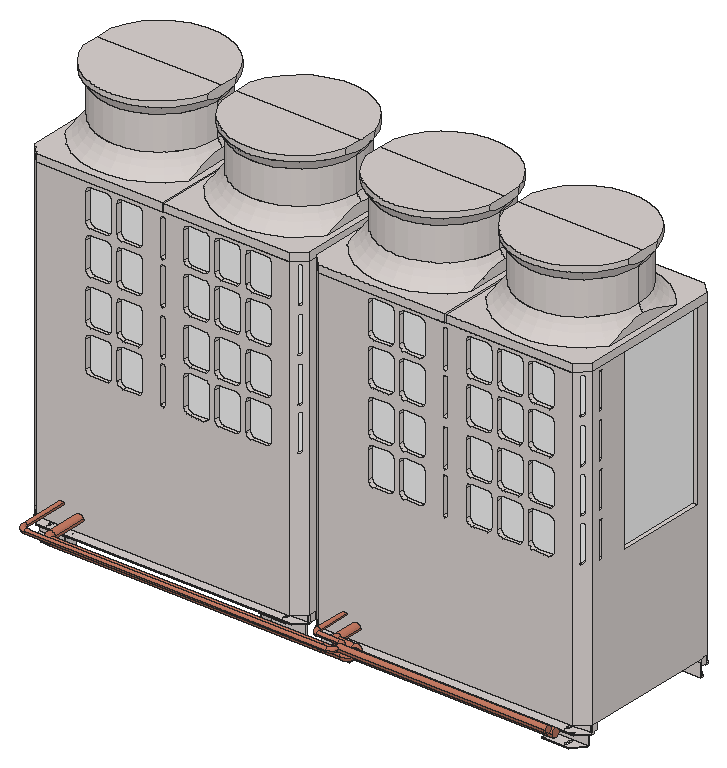
Revit family "PURY-EP700YSNW-A1", category 機械設備, Revit 2016 (continued)
Definition of nested family "PURY-EP350YNW-A1"
  Dimensions and locks
    cut or joined group 1 (Extrusion 1, Extrusion 2, Extrusion 3, Extrusion 4, Extrusion 5, Extrusion 6, Extrusion 7, Extrusion 8, Extrusion 9, Extrusion 10, Extrusion 11, Extrusion 12, Extrusion 13, Extrusion 14, Extrusion 15, Extrusion 16, Extrusion 17, Extrusion 18, Extrusion 19, Extrusion 20, Extrusion 21, Extrusion 22, Extrusion 23, Extrusion 24, Extrusion 25, Extrusion 26, Extrusion 27, Extrusion 28, Extrusion 29, Extrusion 30, Extrusion 31, Extrusion 32, Extrusion 33) to plane 12 to cut or joined group 1 = 805.000 mm, 621.000 mm
    plane 5 to plane 2 = 1858.000 mm  (x2)
    cut or joined group 1 to plane 19 "132" = 132.000 mm
    cut or joined group 1 to plane 22 = 207.000 mm
    cut or joined group 1 to plane 23 = 256.000 mm
    cut or joined group 1 to plane 6 = 60.000 mm
    cut or joined group 1 to cut or joined group 1 = 42.154 mm
    cut or joined group 1 to cut or joined group 1 = 11.895 mm
    nested 1 to nested 3 to level = 1798.000 mm, 60.000 mm
    nested 1 to nested 1 = 303.000 mm
    nested 1 to nested 3 = 1495.000 mm
    nested 8 to nested 8 to nested 8 to nested 7 to nested 7 to nested 7 = 54.000 mm, 20.000 mm, 592.000 mm, 20.000 mm, 54.000 mm
    nested 3 to nested 3 = 56.000 mm
    plane 11 to plane 31 to plane 32 to cut or joined group 1 = 90.000 mm, 1060.000 mm, 90.000 mm
    curve 103 to nested 7 = 90.000 mm
    curve 104 to nested 7 = 125.000 mm
    curve 101 to nested 7 = 100.000 mm
    curve 11 to curve 13 to nested 7 = 84.000 mm, 71.000 mm
    cut or joined group 1 to curve 12 to curve 14 = 125.000 mm, 148.000 mm
    nested 2 to nested 7 = 1495.000 mm
    curve 87 to cut or joined group 1 = 152.000 mm
    curve 88 to cut or joined group 1 = 172.000 mm
    curve 89 to cut or joined group 1 = 216.000 mm
    cut or joined group 1 to curve 4 to curve 2 = 128.000 mm, 150.000 mm
    cut or joined group 1 to curve 1 to curve 3 = 79.000 mm, 94.000 mm
    Extrusion 32 sketch curve to nested 7 = 116.000 mm
    cut or joined group 1 to Extrusion 32 sketch curve = 160.000 mm
    cut or joined group 1 to Extrusion 33 sketch curve = 243.000 mm
    Extrusion 33 sketch curve to nested 7 = 116.000 mm
    cut or joined group 1 to cut or joined group 1 = 740.000 mm
    plane 30 to plane 4 = 740.000 mm
    aligned and locked: level to plane 2
    aligned and locked: Extrusion 1 to plane 4
  Nested families
    nested 1: "FAN GUARD" at (-311.5, 2, 860), type "FAN GUARD"
      with WIDTH 870.000 mm
    nested 2: "FAN GUARD" at (311.5, 2, 860) x (-1, 0, 0) z (0, 0, 1), type "FAN GUARD"
      with WIDTH 870.000 mm
    nested 3: "ATTACHMENT LEG" at (-524, -349, 0), type "ATTACHMENT LEG"
    nested 4: "ATTACHMENT LEG" at (-524, 349, 0), type "ATTACHMENT LEG"
    nested 5: "ATTACHMENT LEG" at (524, -349, 0) x (-1, 0, 0) z (0, 0, 1), type "ATTACHMENT LEG"
    nested 6: "ATTACHMENT LEG" at (524, 349, 0) x (-1, 0, 0) z (0, 0, 1), type "ATTACHMENT LEG"
    nested 7: "BASE LEG_L_" at (0, -352, 60), type "BASE LEG_L_"
      with Width 1240.000 mm
    nested 8: "BASE LEG_L_" at (0, 352, 60), type "BASE LEG_L_"
      with Width 1240.000 mm
  Connectors
    piping at (-460, -191, 176), diameter 25.4, driven by "Liquid pipe_radius"
      settings: on cut or joined group 1, index 3, connector inside diameter 25.4 mm, connector length 0.000 mm, flow factor 0, pipe flow 0.0 L/s, pressure drop 0.0 Pa, fitting loss kfactor 0, connector angle 0.00°, fixture units 0, engagement length 0.000 mm, angle of deflection 0.00°, flow configuration 0, flow direction 0, fitting loss method 0, system type 22, joint type 0, gender type 0, connector reference index -1, connector utility 0, adjustable connector no, is connector primary yes, connector description "Refrigerant service valve<Liquid pipe>"
    piping at (-377, -191, 176), diameter 28.58, driven by "Gas pipe_radius"
      settings: on cut or joined group 1, index 4, connector inside diameter 28.58 mm, connector length 0.000 mm, flow factor 0, pipe flow 0.0 L/s, pressure drop 0.0 Pa, fitting loss kfactor 0, connector angle 0.00°, fixture units 0, engagement length 0.000 mm, angle of deflection 0.00°, flow configuration 0, flow direction 0, fitting loss method 0, system type 22, joint type 0, gender type 0, connector reference index -1, connector utility 0, adjustable connector no, is connector primary no, connector description "Refrigerant service valve<Gas>"
    electrical at (0, -370, 808)
      settings: on cut or joined group 1, index 5, voltage 0 V, apparent load 0 VA, apparent load phase1 0 VA, apparent load phase2 0 VA, apparent load phase3 0 VA, power factor 1, load classification none, number of poles 1, system type 30, power factor state 1, is connector primary yes, connector utility no, sub classification motor no, connector description ""
  Definition of nested family "FAN GUARD"
    Parameters
      WIDTH [instance] = 870.000 mm
    Reference planes
      plane 1 "中心(正面/背面)": y = -2
      plane 2: z = 0
      plane 3 "ファンガード基準面": z = 661
      plane 4: y = 368
      plane 5: x = 366
      plane 6: x = -375
      plane 7 "ファンガード基準上面": z = 695
      plane 8 "ファンガード上面": z = 998
      plane 9: x = -273.971
      plane 10: x = 308.5
      plane 11: x = -308.5
      plane 12: x = 0
    Forms (mm)
      Extrusion 1, solid
        sketch origin (85, 0, 661) x (-1, 0, 0) y (0, -1, 0)
          loop
            line (343.5, -368) -> (393.5, -318) -> (393.5, 322) -> (343.5, 372) -> (-223.5, 372) -> (-223.5, -368) -> (343.5, -368)
        from 0 to 34
      Revolve 2, solid
        sketch origin (0, -2, 0) x (1, 0, 0) y (0, 0, 1)
          loop
            line (0, 695) -> (0, 998) -> (-290, 998) -> (-290, 972.327) -> (-260, 928.372) -> (-260, 777.384)
            arc (-260, 777.384) -> (-290.651, 730.137) -> (-334.665, 695) r 175.882
            line (-334.665, 695) -> (0, 695)
          axis (0, 998) -> (0, 695)
        angle from 0 to 360
      Extrusion 3, void
        sketch origin (-840, 75, 695) x (-1, 0, 0) y (0, -1, 0)
          loop
            line (-410, -165) -> (-410, 315) -> (-561.253, 315) -> (-561.253, -165) -> (-410, -165)
        from -35 to 430.592
      Extrusion 4, void
        sketch origin (840, 75, 695) x (1, 0, 0) y (0, 1, 0)
          loop
            line (-410, 165) -> (-561.253, 165) -> (-561.253, -315) -> (-410, -315) -> (-410, 165)
        from 0 to 430.592
    Cuts and joins
      Extrusion 3, Extrusion 4 cuts Revolve 2
      Extrusion 4 cuts Extrusion 1
    Lines and regions (mm)
      model lines
        curve 1: line (-278.747, 0, 998) -> (-80, 0, 998)
        curve 2: line (80, 0, 998) -> (278.747, 0, 998)
        curve 3: circle (0, 0, 998) r 80 normal (0, 0, 1)
        curve 4: line (-278.747, -80, 998) -> (278.747, -80, 998)
        curve 5: line (-241.868, -160, 998) -> (241.868, -160, 998)
        curve 6: line (-162.788, -240, 998) -> (162.788, -240, 998)
        curve 7: line (-278.747, 80, 998) -> (278.747, 80, 998)
        curve 8: line (-241.868, 160, 998) -> (240, 160, 998)
        curve 9: line (-160, 240, 998) -> (162.788, 240, 998)
        curve 10: line (0, 290, 998) -> (0, -290, 998)
        curve 11: line (-20, 289.31, 998) -> (-20, -289.31, 998)
        curve 12: line (-40, 287.228, 998) -> (-40, -287.228, 998)
        curve 13: line (-60, 283.725, 998) -> (-60, -283.725, 998)
        curve 14: line (-80, 278.747, 998) -> (-80, -278.747, 998)
        curve 15: line (20, 289.31, 998) -> (20, -289.31, 998)
        curve 16: line (40, 287.228, 998) -> (40, -287.228, 998)
        curve 17: line (60, 283.725, 998) -> (60, -283.725, 998)
        curve 18: line (80, 278.747, 998) -> (80, -278.747, 998)
        curve 19: line (100, 272.213, 998) -> (100, -272.213, 998)
        curve 20: line (120, 264.008, 998) -> (120, -264.008, 998)
        curve 21: line (140, 253.969, 998) -> (140, -253.969, 998)
        curve 22: line (160, 241.868, 998) -> (160, -243.132, 998)
        curve 23: line (180, 227.376, 998) -> (180, -227.624, 998)
        curve 24: line (200, 210, 998) -> (200, -210, 998)
        curve 25: line (220, 188.944, 998) -> (220, -188.944, 998)
        curve 26: line (240, 160, 998) -> (240, -162.788, 998)
        curve 27: line (260, 128.452, 998) -> (260, -128.452, 998)
        curve 28: line (-100, 272.213, 998) -> (-100, -272.213, 998)
        curve 29: line (-120, 264.008, 998) -> (-120, -264.008, 998)
        curve 30: line (-140, 253.969, 998) -> (-140, -253.969, 998)
        curve 31: line (-160, 240, 998) -> (-160, -241.868, 998)
        curve 32: line (-180, 227.376, 998) -> (-180, -227.376, 998)
        curve 33: line (-200, 210, 998) -> (-200, -210, 998)
        curve 34: line (-220, 188.944, 998) -> (-220, -188.944, 998)
        curve 35: line (-240, 162.788, 998) -> (-240, -162.788, 998)
        curve 36: line (-260, 128.452, 998) -> (-260, -128.452, 998)
        curve 37: line (10, 79.373, 998) -> (10, -79.373, 998)
        curve 38: line (-10, 79.373, 998) -> (-10, -79.373, 998)
        curve 39: line (30, 74.162, 998) -> (30, -74.162, 998)
        curve 40: line (50, 62.45, 998) -> (50, -62.45, 998)
        curve 41: line (70, 38.73, 998) -> (70, -38.73, 998)
        curve 42: line (-30, 74.162, 998) -> (-30, -74.162, 998)
        curve 43: line (-50, 62.45, 998) -> (-50, -62.45, 998)
        curve 44: line (-70, 38.73, 998) -> (-70, -38.73, 998)
    Dimensions and locks
      locked: plane 8 "ファンガード上面" to plane 7 "ファンガード基準上面" at 303
      plane 8 "ファンガード上面" to plane 3 "ファンガード基準面" = 337.000 mm
      Revolve 2 sketch curve to Revolve 2 sketch curve = 290.000 mm
      Extrusion 1 sketch curve to Extrusion 1 sketch curve = 740.000 mm
      equal spacing: Extrusion 1 sketch curve, plane 1 "中心(正面/背面)", Extrusion 1 sketch curve
      plane 6 to plane 5 = 741.000 mm
      Extrusion 1 sketch curve to Extrusion 1 sketch curve = 617.000 mm
      plane 11 to plane 10 = 617.000 mm
      cut or joined group of Extrusion 1, Extrusion 4 to cut or joined group of Extrusion 1, Extrusion 4 = 617.000 mm
      cut or joined group of Extrusion 1, Extrusion 4 to cut or joined group of Extrusion 1, Extrusion 4 = 740.000 mm
      aligned and locked: level to plane 2
      aligned and locked: plane 7 "ファンガード基準上面" to Extrusion 1
      aligned and locked: plane 3 "ファンガード基準面" to Extrusion 1
      aligned and locked: cut or joined group of Revolve 2, Extrusion 3, Extrusion 4 to plane 8 "ファンガード上面"
  Definition of nested family "ATTACHMENT LEG"
    Parameters
      Width = 145.000 mm
    Reference planes
      plane 1: z = 0
      plane 2 "中心(左/右)": x = -6
      plane 3: x = -52
      plane 4: x = 85
      plane 5: x = 93
      plane 6: y = -21
      plane 7: y = 27
      plane 8: x = -30
      plane 9: y = 39
      plane 10: z = 60
      plane 11: z = 57
      plane 12: z = 3
      plane 13: x = 82
      plane 14: y = 36
      plane 15: x = -75
      plane 16: y = 31
      plane 17 "幅": x = 93
      plane 18: y = 2.5
      plane 19: y = 21
      plane 20: y = -10
    Forms (mm)
      Extrusion 1, solid
        sketch origin (0, -1, 0) x (1, 0, 0) y (0, 1, 0)
          loop
            line (-75, 36) -> (-75, 27) -> (-28, -20) -> (93, -20) -> (93, 32) -> (85, 32) -> (85, 36) -> (-75, 36)
        from 0 to 60
      Extrusion 2, void
        sketch origin (0, -3, 0) x (1, 0, 0) y (0, 0, 1)
          loop
            line (-75, 57) -> (-75, 3) -> (82, 3) -> (82, 57) -> (-75, 57)
          loop
            line (93, 57) -> (85, 57) -> (85, 3) -> (93, 3) -> (93, 57)
        from -35 to 18
      Extrusion 3, void
        sketch origin (-6, 5.5, 0) x (1, 0, 0) y (0, 1, 0)
          loop
            arc (-7, -8.5) -> (0, -15.5) -> (7, -8.5) r 7
            line (7, -8.5) -> (7, 8.5)
            arc (7, 8.5) -> (0, 15.5) -> (-7, 8.5) r 7
            line (-7, 8.5) -> (-7, -8.5)
        from 0 to 60
    Cuts and joins
      Extrusion 2, Extrusion 3 cuts Extrusion 1
    Dimensions and locks
      locked: plane 3 to plane 4 at 137
      locked: plane 3 to plane 5 at 145
      plane 6 to plane 7 = 48.000 mm
      locked: plane 10 to level at 60
      Extrusion 3 sketch curve to plane 2 "中心(左/右)" = 7.000 mm
      locked: plane 15 to plane 2 "中心(左/右)" at 69
      locked: plane 15 to plane 8 at 45
      locked: plane 6 to plane 18 at 23.5
      cut or joined group of Extrusion 1, Extrusion 2, Extrusion 3 to cut or joined group of Extrusion 1, Extrusion 2, Extrusion 3 = 168.000 mm
      cut or joined group of Extrusion 1, Extrusion 2, Extrusion 3 to cut or joined group of Extrusion 1, Extrusion 2, Extrusion 3 = 56.000 mm  (x2)
      plane 14 to plane 6 = 57.000 mm
      aligned and locked: level to plane 1
      aligned and locked: Extrusion 1 sketch curve to plane 4
      aligned and locked: Extrusion 1 sketch curve to plane 5
      aligned: plane 8 to Extrusion 1 sketch curve
      aligned and locked: plane 10 to Extrusion 1
      aligned and locked: Extrusion 2 sketch curve to plane 11
      aligned: plane 3 to Extrusion 2 sketch curve
      aligned and locked: plane 12 to Extrusion 2 sketch curve
      aligned and locked: Extrusion 2 sketch curve to plane 13
      aligned and locked: plane 6 to Extrusion 2
      aligned and locked: plane 11 to Extrusion 2 sketch curve
      aligned and locked: plane 5 to Extrusion 2 sketch curve
      aligned and locked: Extrusion 2 sketch curve to plane 12
      aligned and locked: Extrusion 2 sketch curve to plane 4
      aligned and locked: plane 15 to Extrusion 1 sketch curve
      aligned and locked: Extrusion 2 sketch curve to cut or joined group of Extrusion 1, Extrusion 2, Extrusion 3
      aligned and locked: Extrusion 1 to plane 16
  Definition of nested family "BASE LEG_L_"
    Parameters
      Width [instance] = 1240.000 mm
    Reference planes
      plane 1 "中心(正面/背面)": y = 0
      plane 2: z = 0
      plane 3 "中心(左/右)": x = 0
      plane 4: x = 620
      plane 5: x = -620
      plane 6: x = -530
      plane 7: x = 530
      plane 8: y = -18
      plane 9: y = 39
      plane 10: z = 53
      plane 11: y = 42
      plane 12: y = 27
      plane 13: x = 575
      plane 14: x = -575
      plane 15: z = 8
      plane 16: y = 11.5
      plane 17: z = 35
    Forms (mm)
      Extrusion 1, solid
        sketch origin (0, 0, 0) x (0, 1, 0) y (0, 0, 1)
          loop
            line (-18, 0) -> (36, 0) -> (36, 32) -> (56, 32) -> (56, 35) -> (33, 35) -> (33, 3) -> (-18, 3) -> (-18, 0)
        from -620 to 620
      Extrusion 2, void
        sketch origin (0, 0, 0) x (1, 0, 0) y (0, 1, 0)
          loop
            line (575, -18) -> (620, -18) -> (620, 27) -> (575, -18)
          loop
            line (-575, -18) -> (-620, 27) -> (-620, -18) -> (-575, -18)
        from 0 to 250
      Extrusion 3, void
        sketch origin (0, 12.023, 0) x (1, 0, 0) y (0, 1, 0)
          loop
            arc (523, -2.971) -> (530, -9.971) -> (537, -2.971) r 7
            line (537, -2.971) -> (537, 3.023)
            arc (537, 3.023) -> (530, 10.023) -> (523, 3.023) r 7
            line (523, 3.023) -> (523, -2.971)
          loop
            line (-523, -2.971) -> (-523, 3.023)
            arc (-523, 3.023) -> (-530, 10.023) -> (-537, 3.023) r 7
            line (-537, 3.023) -> (-537, -2.971)
            arc (-537, -2.971) -> (-530, -9.971) -> (-523, -2.971) r 7
        from 0 to 250
      Extrusion 4, solid
        sketch origin (0, 0, -3) x (1, 0, 0) y (0, 0, 1)
          loop
            line (617, 8) -> (620, 8) -> (620, 35) -> (617, 35) -> (617, 8)
          loop
            line (-617, 8) -> (-617, 35) -> (-620, 35) -> (-620, 8) -> (-617, 8)
        from -36 to -56
      Extrusion 5, solid
        sketch origin (150, 352, 0) x (1, 0, 0) y (0, 1, 0)
          loop
            line (460, -319) -> (455, -319) -> (455, -320) -> (405, -370) -> (410, -370) -> (460, -320) -> (460, -319)
        from 3 to 35
      Extrusion 6, void
        sketch origin (560, -18, 0) x (0.707107, 0.707107, 0) y (0, 0, 1)
          loop
            line (70.711, 3) -> (-6.741, 39.767) -> (-6.741, 3) -> (70.711, 3)
        from -190.256 to 23.776
      Extrusion 7, solid
        sketch origin (-150, 352, 0) x (-1, 0, 0) y (0, -1, 0)
          loop
            line (460, 319) -> (460, 320) -> (410, 370) -> (405, 370) -> (455, 320) -> (455, 319) -> (460, 319)
        from 3 to 35
      Extrusion 8, void
        sketch origin (-560, -18, 0) x (0.707107, -0.707107, 0) y (0, 0, -1)
          loop
            line (-70.711, -3) -> (0, -35) -> (6.741, -35) -> (6.741, -3) -> (-70.711, -3)
        from -190.256 to 23.776
    Cuts and joins
      Extrusion 2, Extrusion 3 cuts Extrusion 1
      joined: Extrusion 1, Extrusion 4
      Extrusion 8 cuts Extrusion 7
      Extrusion 6 cuts Extrusion 5
    Dimensions and locks
      "Width": plane 5 to plane 4
      equal spacing: plane 5, plane 3 "中心(左/右)", plane 4
      locked: plane 5 to plane 6 at 90
      locked: plane 7 to plane 4 at 90
      locked: plane 8 to plane 9 at 57
      locked: plane 10 to level at 53
      locked: plane 9 to plane 11 at 3
      plane 8 to plane 12 = 45.000 mm
      locked: plane 13 to plane 4 at 45
      locked: plane 5 to plane 14 at 45
      equal spacing: Extrusion 3 sketch curve, plane 7, Extrusion 3 sketch curve
      equal spacing: Extrusion 3 sketch curve, plane 6, Extrusion 3 sketch curve
      locked: plane 10 to plane 15 at 45
      locked: cut or joined group of Extrusion 1, Extrusion 2, Extrusion 3, Extrusion 4 to Extrusion 4 sketch curve at 3  (x2)
      locked: plane 8 to plane 16 at 29.5
      plane 8 to plane 11 = 60.000 mm
      cut or joined group of Extrusion 1, Extrusion 2, Extrusion 3, Extrusion 4 to cut or joined group of Extrusion 1, Extrusion 2, Extrusion 3, Extrusion 4 = 35.000 mm
      aligned and locked: level to plane 2
      aligned and locked: plane 8 to Extrusion 1 sketch curve
      aligned and locked: plane 4 to Extrusion 1
      aligned and locked: Extrusion 1 to plane 5
      aligned and locked: Extrusion 2 sketch curve to plane 4
      aligned and locked: Extrusion 2 sketch curve to plane 8
      aligned and locked: plane 12 to Extrusion 2 sketch curve
      aligned and locked: plane 13 to Extrusion 2 sketch curve
      aligned and locked: plane 4 to Extrusion 4 sketch curve
      aligned and locked: plane 5 to Extrusion 4 sketch curve
      aligned and locked: cut or joined group of Extrusion 7, Extrusion 8 to cut or joined group of Extrusion 1, Extrusion 2, Extrusion 3, Extrusion 4
    Automatic sketch dimensions
      Extrusion 3 sketch curve to plane 1 "中心(正面/背面)" = 9.052 mm  (x2)
      Extrusion 3 sketch curve to plane 7 = 7.000 mm
      Extrusion 3 sketch curve to plane 1 "中心(正面/背面)" = 15.046 mm  (x2)
      Extrusion 3 sketch curve to plane 6 = 7.000 mm
      Extrusion 2 sketch curve to plane 5 = 0.000 mm
      plane 8 to Extrusion 2 sketch curve = 0.000 mm
      Extrusion 2 sketch curve to plane 14 = 0.000 mm
      plane 12 to Extrusion 2 sketch curve = 0.000 mm
      Extrusion 4 sketch curve to plane 10 = 21.000 mm
      plane 7 to Extrusion 5 sketch curve = 25.000 mm
      Extrusion 5 sketch curve to Extrusion 5 sketch curve = 5.000 mm  (x2)
      plane 7 to Extrusion 5 sketch curve = 75.000 mm
      plane 8 to Extrusion 5 sketch curve = 0.000 mm
      Extrusion 5 sketch curve to Extrusion 5 sketch curve = 50.000 mm
      Extrusion 5 sketch curve to Extrusion 5 sketch curve = 0.000 mm
      Extrusion 5 sketch curve to Extrusion 5 sketch curve = 1.000 mm
      Extrusion 6 sketch curve to Extrusion 5 = 0.000 mm  (x2)
      Extrusion 6 sketch curve to Extrusion 5 = 6.741 mm
      Extrusion 6 sketch curve to Extrusion 5 = 4.767 mm
      plane 6 to Extrusion 7 sketch curve = 25.000 mm
      Extrusion 7 sketch curve to Extrusion 7 sketch curve = 5.000 mm  (x2)
      Extrusion 7 sketch curve to Extrusion 7 sketch curve = 45.000 mm
      Extrusion 7 sketch curve to plane 8 = 0.000 mm
      Extrusion 7 sketch curve to Extrusion 7 sketch curve = 50.000 mm
      Extrusion 7 sketch curve to Extrusion 7 sketch curve = 0.000 mm
      Extrusion 7 sketch curve to Extrusion 7 sketch curve = 1.000 mm
      Extrusion 8 sketch curve to Extrusion 7 = 0.000 mm  (x2)
      Extrusion 7 to Extrusion 8 sketch curve = 0.000 mm  (x2)
      Extrusion 7 to Extrusion 8 sketch curve = 6.741 mm
      Extrusion 4 sketch curve to plane 17 = 3.000 mm
      Extrusion 4 sketch curve to plane 15 = 3.000 mm  (x2)
      Extrusion 1 sketch curve to plane 17 = 0.000 mm
      Extrusion 1 sketch curve to level = 0.000 mm
      level to Extrusion 1 sketch curve = 3.000 mm
      plane 9 to Extrusion 1 sketch curve = 6.000 mm
      plane 9 to Extrusion 1 sketch curve = 3.000 mm
      Extrusion 1 sketch curve to plane 17 = 3.000 mm
      Extrusion 1 sketch curve to plane 11 = 14.000 mm
Types (6, lengths in mm): name | Voltage | InstallationDate | Hertz | Heating Rated Load Ampacity (A) | Heating Current Input (Nominal) (A) | Heating Current Input (A) | Equip_description | Equip_ID | Description | CreatedOn | CreatedBy | Cooling Rated Load Ampacity (A) | Cooling Current Input (A) | Category | Barcode | AssetIdentifier
  PURY-EP700YSNW-A1_380V_50Hz | 380 V | "" | 50 Hz | 37.6 | 32.1 | 37.6 | "" | "" | "" | "" | "" | 34.7 | 34.7 | "" | "" | ""
  PURY-EP700YSNW-A1_380V_60Hz | 380 V | "0" | 60 Hz | 37.6 | 32.1 | 37.6 | "0" | "0" | "0" | "0" | "0" | 34.7 | 34.7 | "0" | "0" | "0"
  PURY-EP700YSNW-A1_400V_50Hz | 400 V | "0" | 50 Hz | 35.8 | 30.5 | 35.8 | "0" | "0" | "0" | "0" | "0" | 32.9 | 32.9 | "0" | "0" | "0"
  PURY-EP700YSNW-A1_400V_60Hz | 400 V | "0" | 60 Hz | 35.8 | 30.5 | 35.8 | "0" | "0" | "0" | "0" | "0" | 32.9 | 32.9 | "0" | "0" | "0"
  PURY-EP700YSNW-A1_415V_50Hz | 415 V | "0" | 50 Hz | 34.5 | 29.4 | 34.5 | "0" | "0" | "0" | "0" | "0" | 31.7 | 31.7 | "0" | "0" | "0"
  PURY-EP700YSNW-A1_415V_60Hz | 415 V | "0" | 60 Hz | 34.5 | 29.4 | 34.5 | "0" | "0" | "0" | "0" | "0" | 31.7 | 31.7 | "0" | "0" | "0"
